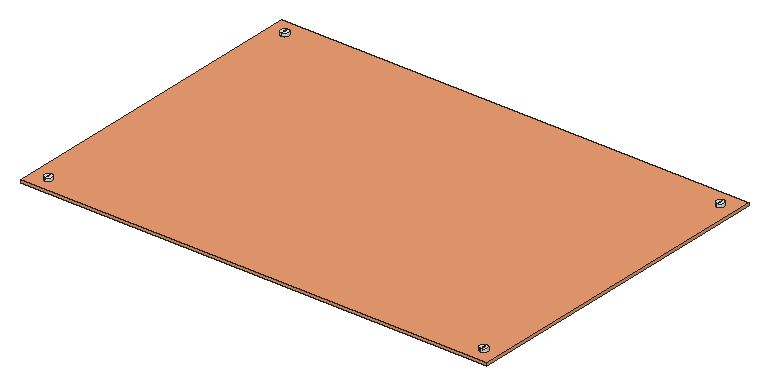
Revit family "Clarus_Float+Depth_R18", category Furniture, host Face, Revit 2018
Family settings
  Host = Face
  Cut with Voids When Loaded = No
  Shared = No
  Room Calculation Point = No
Parameters (values of type "60" X 42" Float")
  Width Control = if(Width > 72", 72", Width)  # 60"
  Width = 60"
  URL = "https://www.clarus.com/"
  TRC Standards [instance] = "http://therevitcollection.com/news/trc-news-the-revit-collection-standards-explained/"
  Stand-offs = yes
  Stand-Offs [instance] = Clarus Stainless Steel
  Product URL = "https://www.clarus.com/float-depth/"
  More Revit Families! [instance] = "www.therevitcollection.com"
  Modeled By = "Commense Studio"  # constant formula
  Model = "Float + Depth"  # constant formula
  Manufacturer = "Clarus"  # constant formula
  Height Control = if(Height > 144", 144", Height)  # 42"
  Glass Thickness = 1/4"
  Clarus Glass [instance] = CBC-503 POP Orange
  Description = "The original glassboards, Float and Depth, are the modern version of the traditional whiteboard. Choose your mounting style and elevate any interior with our wall-mounted glassboards. When inspiration strikes, make sure you have the perfect canvas to capture\r\nyour creativity."  # constant formula
  Height = 42"
  Designer = ""
  Depth = 1 37/128"
  Default Elevation = 0"
  Assembly Code = ""
Types (15): name | Width Control | Width | Stand-offs | Height Control | Clarus Glass | Height | Depth
  (no name) | 60" | 60" | yes | 42" | CBC-503 POP Orange | 42" | 1 37/128"
  36" X 24" Float | 36" | 36" | yes | 24" | CBC-223 Deep Blue | 24" | 1 37/128"
  36" X 24" Depth | 36" | 36" | no | 24" | CBC-223 Deep Blue | 24" | 1/2"
  48" X 36" Depth | 48" | 48" | no | 36" | CBC-306 Gallant Green | 36" | 1/2"
  48" X 36" Float | 48" | 48" | yes | 36" | CBC-306 Gallant Green | 36" | 1 37/128"
  60" X 42" Depth | 60" | 60" | no | 42" | CBC-503 POP Orange | 42" | 1/2"
  60" X 42" Float | 60" | 60" | yes | 42" | CBC-503 POP Orange | 42" | 1 37/128"
  60" X 48" Float | 60" | 60" | yes | 48" | CBC-503 POP Orange | 48" | 1 37/128"
  60" X 48" Depth | 60" | 60" | no | 48" | CBC-503 POP Orange | 48" | 1/2"
  72" X 48" Float | 72" | 72" | yes | 48" | CBC-603 POP Pink | 48" | 1 37/128"
  72" X 48" Depth | 72" | 72" | no | 48" | CBC-603 POP Pink | 48" | 1/2"
  84" X 48" Float | 72" | 96" | yes | 48" | CBC-705 Personable Purple | 48" | 1 37/128"
  84" X 48" Depth | 72" | 96" | no | 48" | CBC-705 Personable Purple | 48" | 1/2"
  120" X 48" Float | 72" | 120" | yes | 48" | CBC-610 Resolute Red | 48" | 1 37/128"
  120" X 48" Depth | 72" | 120" | no | 48" | CBC-610 Resolute Red | 48" | 1/2"
Reference planes (in)
  plane 1 "Center (Front/Back)": y = 0
  plane 2: z = 0
  plane 3 "Center (Left/Right)": x = 0
  plane 4 "L": x = -30
  plane 5 "R": x = 30
  plane 6 "B": y = 21
  plane 7 "F": y = -21
  plane 8: z = 1.28906
  plane 9: z = 1.03906
  plane 10: x = -28
  plane 11: x = 28
  plane 12: y = 19
  plane 13: y = -19
Forms (in)
  Extrusion 1, solid, material "CBC-503 POP Orange" <- "Clarus Glass"
    sketch origin (0, 0, 0) x (1, 0, 0) y (0, 1, 0)
      loop
        line (-30, 21) -> (-30, -21) -> (30, -21) -> (30, 21) -> (-30, 21)
    from 1.03906 to 1.28906
Dimensions and locks (in)
  equal spacing: plane 4 "L", plane 3 "Center (Left/Right)", plane 5 "R"
  "Width": plane 4 "L" to plane 5 "R"
  equal spacing: plane 7 "F", plane 1 "Center (Front/Back)", plane 6 "B"
  "Height": plane 7 "F" to plane 6 "B"
  "Depth": plane 8 to level
  "Glass Thickness": plane 8 to plane 9
  locked: plane 4 "L" to plane 10 at 2
  locked: plane 5 "R" to plane 11 at 2
  locked: plane 6 "B" to plane 12 at 2
  locked: plane 7 "F" to plane 13 at 2
  aligned and locked: plane 2 to host face
  aligned and locked: level to host face
  aligned and locked: Extrusion 1 to plane 9
  aligned and locked: plane 8 to Extrusion 1
  aligned and locked: plane 10 to nested 1
  aligned and locked: nested 1 to plane 12
  aligned and locked: nested 2 to plane 13
  aligned and locked: plane 10 to nested 2
  aligned and locked: plane 11 to nested 3
  aligned and locked: nested 3 to plane 12
  aligned and locked: plane 11 to nested 4
  aligned and locked: nested 4 to plane 13
Automatic sketch dimensions
  host sketch curve to host sketch curve = 96"  (x2)
  plane 6 "B" to Extrusion 1 sketch curve = 0"
  Extrusion 1 sketch curve to plane 5 "R" = 0"
  Extrusion 1 sketch curve to plane 4 "L" = 0"
  plane 7 "F" to Extrusion 1 sketch curve = 0"
Nested families (in)
  nested 1: "Clarus_Standoff_R18" at (-28, 19, 0), Core Finish <- "Stand-Offs", visible <- "Stand-offs", type "40" X 21""
    with TRC Standards "http://therevitcollection.com/news/trc-news-the-revit-collection-standards-explained/", More Revit Families! "www.therevitcollection.com", Leg Finish Clarus Black, Core Finish Clarus Stainless Steel, Clarus Glass CBC-116 Smooth White, Caster Color Clarus Black
  nested 2: "Clarus_Standoff_R18" at (-28, -19, 0), Core Finish <- "Stand-Offs", visible <- "Stand-offs", type "40" X 21""
    with TRC Standards "http://therevitcollection.com/news/trc-news-the-revit-collection-standards-explained/", More Revit Families! "www.therevitcollection.com", Leg Finish Clarus Black, Core Finish Clarus Stainless Steel, Clarus Glass CBC-116 Smooth White, Caster Color Clarus Black
  nested 3: "Clarus_Standoff_R18" at (28, 19, 0) x (-1, 0, 0) z (0, 0, 1), Core Finish <- "Stand-Offs", visible <- "Stand-offs", type "40" X 21""
    with TRC Standards "http://therevitcollection.com/news/trc-news-the-revit-collection-standards-explained/", More Revit Families! "www.therevitcollection.com", Leg Finish Clarus Black, Core Finish Clarus Stainless Steel, Clarus Glass CBC-116 Smooth White, Caster Color Clarus Black
  nested 4: "Clarus_Standoff_R18" at (28, -19, 0) x (-1, 0, 0) z (0, 0, 1), Core Finish <- "Stand-Offs", visible <- "Stand-offs", type "40" X 21""
    with TRC Standards "http://therevitcollection.com/news/trc-news-the-revit-collection-standards-explained/", More Revit Families! "www.therevitcollection.com", Leg Finish Clarus Black, Core Finish Clarus Stainless Steel, Clarus Glass CBC-116 Smooth White, Caster Color Clarus Black
Definition of nested family "Clarus_Standoff_R18"
  Parameters (values of type "40" X 21"")
    Width = 1"
    URL = "https://www.clarus.com/"
    TRC Standards [instance] = "http://therevitcollection.com/news/trc-news-the-revit-collection-standards-explained/"
    Product URL = "https://www.clarus.com/be-mobile/"
    More Revit Families! [instance] = "www.therevitcollection.com"
    Modeled By = "Commense Studio"  # constant formula
    Model = "be! Mobile"  # constant formula
    Manufacturer = "Clarus"  # constant formula
    Leg Finish [instance] = none
    Clarus Glass [instance] = none
    Core Finish [instance] = none
    Description = "Rolling Glassboard"  # constant formula
    Height = 1 1/2"
    Designer = ""
    Depth = 1"
    Default Elevation = 0"
    Caster Color [instance] = none
    Assembly Code = ""
  Reference planes (in)
    plane 1 "Center (Front/Back)": y = 0
    plane 2: z = 0
    plane 3 "Center (Left/Right)": x = 0
    plane 4 "L": x = -0.5
    plane 5 "R": x = 0.5
    plane 6 "B": y = 0.5
    plane 7 "F": y = -0.5
    plane 8: z = 1.5
  Forms (in)
    Extrusion 1, solid
      sketch origin (0, 0, 0) x (1, 0, 0) y (0, 1, 0)
        loop
          line (-48, 48) -> (-48, -48) -> (48, -48) -> (48, 48) -> (-48, 48)
      from 0 to -12
    Revolve 2, solid, material <- "Core Finish"
      sketch origin (0, 0, 0) x (0, 1, 0) y (0, 0, 1)
        loop
          line (0.5, 0) -> (0.5, 1.03949) -> (0.25, 1.03949) -> (0.25, 1.2887) -> (0.5, 1.2887) -> (0.5, 1.58426) -> (0, 1.62801) -> (0.17201, 1.52465) -> (0.17201, 1.32063) -> (0.20498, 1.32063) -> (0.19108, 1.26875) -> (0.19108, 1.03949) -> (0.159, 1.03949) -> (0.159, 0.23945) -> (0.11516, 0.1665) -> (0.11516, 0) -> (0.5, 0)
        axis (0, 1.62801) -> (0, 0)
      angle from 0 to 360
  Dimensions and locks (in)
    equal spacing: plane 4 "L", plane 3 "Center (Left/Right)", plane 5 "R"
    "Width": plane 4 "L" to plane 5 "R"
    equal spacing: plane 7 "F", plane 1 "Center (Front/Back)", plane 6 "B"
    "Depth": plane 7 "F" to plane 6 "B"
    "Height": plane 8 to level
    aligned and locked: plane 2 to Extrusion 1
    aligned and locked: level to Extrusion 1
  Automatic sketch dimensions
    Extrusion 1 sketch curve to Extrusion 1 sketch curve = 96"  (x2)
    Revolve 2 sketch curve to plane 1 "Center (Front/Back)" = 0"  (x2)
    Revolve 2 sketch curve to level = 0"
    Revolve 2 sketch curve to plane 6 "B" = 0"  (x2)
    Revolve 2 sketch curve to plane 1 "Center (Front/Back)" = 0.11516"
    Revolve 2 sketch curve to plane 1 "Center (Front/Back)" = 0.159"
    Revolve 2 sketch curve to plane 1 "Center (Front/Back)" = 0.17201"
    Revolve 2 sketch curve to Revolve 2 sketch curve = 0.03208"
    Revolve 2 sketch curve to Revolve 2 sketch curve = 0.03297"
    Revolve 2 sketch curve to Revolve 2 sketch curve = 0.05892"
    Revolve 2 sketch curve to Revolve 2 sketch curve = 0.1665"
    Revolve 2 sketch curve to Revolve 2 sketch curve = 0.07296"
    Revolve 2 sketch curve to plane 8 = 0.46051"
    Revolve 2 sketch curve to Revolve 2 sketch curve = 0"
    Revolve 2 sketch curve to Revolve 2 sketch curve = 0.22926"
    Revolve 2 sketch curve to Revolve 2 sketch curve = 0.01995"
    Revolve 2 sketch curve to Revolve 2 sketch curve = 0.05187"
    plane 8 to Revolve 2 sketch curve = 0.02465"
    plane 8 to Revolve 2 sketch curve = 0.08426"
    plane 8 to Revolve 2 sketch curve = 0.12801"
    Revolve 2 sketch curve to level = 0.15571"
    Revolve 2 sketch curve to Revolve 2 sketch curve = 0.21629"
